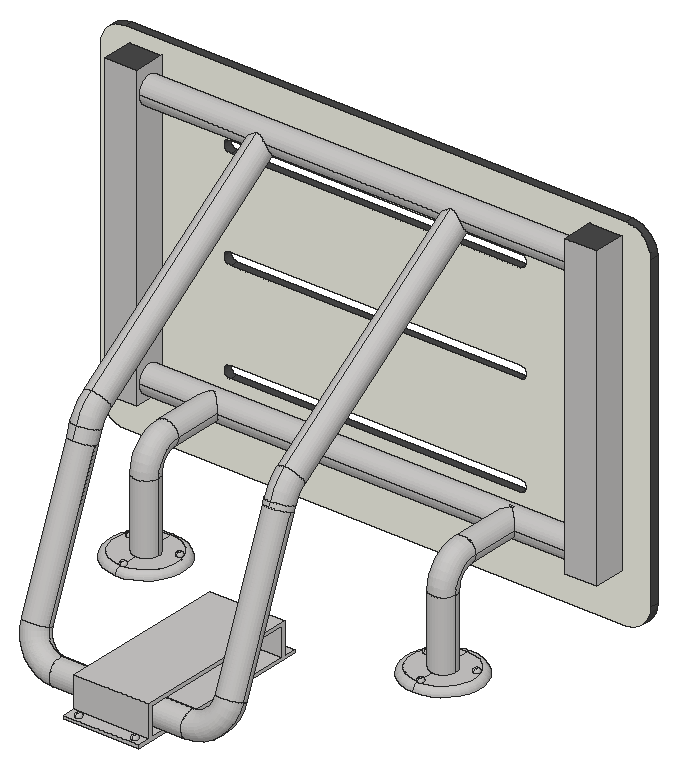
Revit family "Folding_Shower_Dressing_Area_Seat-Bobrick-B-5192", category Specialty Equipment, host Face, Revit 2018
Family settings
  Host = Face
  Round Connector Dimension = Use Diameter
  Part Type = Normal
  OmniClass Number = 23.40.20.21
  OmniClass Title = Toilet and Bath Specialties
  Cut with Voids When Loaded = No
  Shared = Yes
  Room Calculation Point = No
Parameters (values of type "B-5192")
  Width = 22"
  Warranty Documentation Link = "https://www.bobrick.com/wp-content/uploads/product_warranties-6.pdf"
  URL = "https://www.bobrick.com/"
  Type Comments = "To avoid potential seat malfunction, DO NOT use seat if weight exceeds 500 lbs (227 kg)"
  Support Load = "500 lbs., (227 kg)"  # constant formula
  Spring Material = Metal-Bobrick-Stainless Steel
  Seat Length = 14 7/16"
  Revised Date = "09/09/2021"  # constant formula
  Product Page URL = "https://www.bobrick.com/products/washroom-accessories/washroom-accessories-catalog/product/b-5192/"
  Product Documentation Link = "https://www.bobrick.com/wp-content/uploads/B-5192_td.pdf"
  Price = "Prices may vary. Please consult Manufacturer Representative for most up-to-date price list."  # constant formula
  Mounting Height Constraint = if(Mounting Height < 17", 17", if(Mounting Height > 19", 19", Mounting Height))  # 17"
  Mounting Height = 17"
  Mounting Flanges Material = Stainless Steel-Bobrick-Satin
  Model = "B-5192"
  Seat Material = Fused Plastic-Bobrick-Ivory Matte
  Material = "Fused Plastic-Bobrick-Ivory Matte"
  Manufacturer = "Bobrick"
  Length = 15 13/16"
  Installation Type = "Wall Mounted"
  Height = 13 3/4"
  Guide Bracket Material = Stainless Steel-Bobrick-Satin
  Frame Material = Stainless Steel-Bobrick-Satin
  Description = "Solid Phenolic Folding Shower / Dressing Area Seat"
  Default Elevation = 0"
  Creation Date = "06/09/2015"  # constant formula
  Baseplate Material = Metal-Bobrick-Stainless Steel
  Assembly Code = "E2010"
  ADA Compliant = yes
Reference planes (in)
  plane 1 "Center (Front/Back)": y = 0
  plane 2: z = 0
  plane 3 "Center (Left/Right)": x = 0
  plane 4: z = 15.8125
  plane 5: x = 11
  plane 6: x = -11
  plane 7: x = -6.5625
  plane 8: x = 6.5625
  plane 9: x = 5.9375
  plane 10: x = -5.9375
  plane 11: y = -4.375
  plane 12: y = -13.75
  plane 13: y = -6.5
  plane 14: x = 1.125
  plane 15: x = -1.125
  plane 16: z = 1.375
  plane 17: y = -17
  plane 18: x = 9.1875
  plane 19: y = -0.94013
  plane 20: z = 5.375
Forms (in)
  Extrusion 1, solid, material "Fused Plastic-Bobrick-Ivory Matte" <- "Seat Material"
    sketch origin (0, 0, 0) x (1, 0, 0) y (0, 0, 1)
      loop
        line (10, 15.8125) -> (-10, 15.8125)
        arc (-10, 15.8125) -> (-10.70711, 15.51961) -> (-11, 14.8125) r 1
        line (-11, 14.8125) -> (-11, 2.375)
        arc (-11, 2.375) -> (-10.70711, 1.66789) -> (-10, 1.375) r 1
        line (-10, 1.375) -> (10, 1.375)
        arc (10, 1.375) -> (10.70711, 1.66789) -> (11, 2.375) r 1
        line (11, 2.375) -> (11, 14.8125)
        arc (11, 14.8125) -> (10.70711, 15.51961) -> (10, 15.8125) r 1
      loop
        line (5.79542, 13.20791) -> (-5.79542, 13.20791)
        arc (-5.79542, 13.20791) -> (-6.04542, 12.95791) -> (-5.79542, 12.70791) r 0.25
        line (-5.79542, 12.70791) -> (5.79542, 12.70791)
        arc (5.79542, 12.70791) -> (6.04542, 12.95791) -> (5.79542, 13.20791) r 0.25
      loop
        line (5.79542, 9.20791) -> (-5.79542, 9.20791)
        arc (-5.79542, 9.20791) -> (-6.04542, 8.95791) -> (-5.79542, 8.70791) r 0.25
        line (-5.79542, 8.70791) -> (5.79542, 8.70791)
        arc (5.79542, 8.70791) -> (6.04542, 8.95791) -> (5.79542, 9.20791) r 0.25
      loop
        line (5.79542, 5.14541) -> (-5.79542, 5.14541)
        arc (-5.79542, 5.14541) -> (-6.04542, 4.89541) -> (-5.79542, 4.64541) r 0.25
        line (-5.79542, 4.64541) -> (5.79542, 4.64541)
        arc (5.79542, 4.64541) -> (6.04542, 4.89541) -> (5.79542, 5.14541) r 0.25
    from 0 to 0.3125
  Extrusion 2, solid, material "Stainless Steel-Bobrick-Satin" <- "Frame Material"
    sketch origin (0, 0.1875, 0.75) x (1, 0, 0) y (0, 1, 0)
      loop
        line (-8.5625, -0.5) -> (-9.8125, -0.5) -> (-9.8125, -1.75) -> (-8.5625, -1.75) -> (-8.5625, -0.5)
      loop
        line (8.5625, -0.5) -> (8.5625, -1.75) -> (9.8125, -1.75) -> (9.8125, -0.5) -> (8.5625, -0.5)
    from 2.51548 to 14.51548
  Revolve 3, solid, material "Stainless Steel-Bobrick-Satin" <- "Mounting Flanges Material"
    sketch origin (-5.9375, 0, 0) x (0, 1, 0) y (0, 0, 1)
      loop
        line (-4.375, 0) -> (-2.875, 0)
        arc (-2.875, 0) -> (-2.94822, 0.17678) -> (-3.125, 0.25) r 0.25
        line (-3.125, 0.25) -> (-4.375, 0.25) -> (-4.375, 0)
      axis (-4.375, 0.25) -> (-4.375, 0)
    angle from 0 to 360
  Revolve 4, solid, material "Stainless Steel-Bobrick-Satin" <- "Mounting Flanges Material"
    sketch origin (5.9375, 0, 0) x (0, 1, 0) y (0, 0, -1)
      loop
        line (-4.375, 0) -> (-4.375, -0.25) -> (-3.125, -0.25)
        arc (-3.125, -0.25) -> (-2.94822, -0.17678) -> (-2.875, 0) r 0.25
        line (-2.875, 0) -> (-4.375, 0)
      axis (-4.375, -0.25) -> (-4.375, 0)
    angle from 0 to 360
  Sweep 5, solid, material "Stainless Steel-Bobrick-Satin" <- "Frame Material"
    path origin (5.9375, 0, 0) x (0, 1, 0) y (0, 0, 1)
      loop
        line (-4.375, 0) -> (-4.375, 3)
        arc (-4.375, 3) -> (-4.08211, 3.70711) -> (-3.375, 4) r 1
        line (-3.375, 4) -> (-0.94013, 4)
    profile origin (5.9375, -4.375, 1.5) x (0, -1, 0) y (1, 0, 0)
      loop
        circle (0, 0) r 0.5
  Extrusion 6, solid, material "Stainless Steel-Bobrick-Satin" <- "Frame Material"
    sketch origin (0, 0.3125, 0) x (0, 1, 0) y (0, 0, 1)
      loop
        circle (-1.25263, 3.99038) r 0.5172
    from -8.9545 to 9.47959
  Sweep 7, solid, material "Stainless Steel-Bobrick-Satin" <- "Frame Material"
    path origin (-5.9375, 0, 0) x (0, 1, 0) y (0, 0, -1)
      loop
        line (-4.375, 0) -> (-4.375, -3)
        arc (-4.375, -3) -> (-4.08211, -3.70711) -> (-3.375, -4) r 1
        line (-3.375, -4) -> (-0.94013, -4)
    profile origin (-5.9375, -4.375, 1.5) x (0, 1, 0) y (-1, 0, 0)
      loop
        circle (0, 0) r 0.5
  Sweep 8, solid, material "Stainless Steel-Bobrick-Satin" <- "Frame Material"
    path origin (0, 0.25, 0.125) x (0, 1, 0) y (0, 0, 1)
      loop
        line (-1.19013, 14.16704) -> (-9.64596, 8.46351)
        arc (-9.64596, 8.46351) -> (-9.97289, 8.16393) -> (-10.19794, 7.78186) r 1.5
        line (-10.19794, 7.78186) -> (-10.39032, 7.3057)
    profile origin (0, -10.04413, 7.66878) x (0, 0.927184, -0.374607) y (1, 0, 0)
      loop
        circle (0, -3.875) r 0.5
  Extrusion 9, solid, material "Stainless Steel-Bobrick-Satin" <- "Frame Material"
    sketch origin (0, 0.3125, 18.32783) x (0, 1, 0) y (0, 0, 1)
      loop
        circle (-1.25263, -3.99038) r 0.5172
    from -8.9545 to 9.47959
  Sweep 10, solid, material "Stainless Steel-Bobrick-Satin" <- "Frame Material"
    path origin (0, -6.39004, 16.71298) x (1, 0, 0) y (0, 0.374607, 0.927184)
      loop
        line (-3.875, -9.69876) -> (-3.875, -15.94876)
        arc (-3.875, -15.94876) -> (-3.50888, -16.83264) -> (-2.625, -17.19876) r 1.25
        line (-2.625, -17.19876) -> (2.625, -17.19876)
        arc (2.625, -17.19876) -> (3.50888, -16.83264) -> (3.875, -15.94876) r 1.25
        line (3.875, -15.94876) -> (3.875, -9.69876)
    profile origin (-3.875, -11.19391, 4.823) x (1, 0, 0) y (0, -0.927184, 0.374607)
      loop
        circle (0, 0) r 0.5
  Extrusion 11, solid, material "Stainless Steel-Bobrick-Satin" <- "Guide Bracket Material"
    sketch origin (-1.5, 0.19528, 0) x (0, 1, 0) y (0, 0, 1)
      loop
        line (-6.44528, 0) -> (-6.44528, 0.125) -> (-6.94528, 0.125) -> (-6.94528, 1.375) -> (-13.69528, 1.375) -> (-13.69528, 0.125) -> (-14.19528, 0.125) -> (-14.19528, 0) -> (-6.44528, 0)
      loop
        line (-13.57028, 1.25) -> (-13.57028, 0.125) -> (-7.07028, 0.125) -> (-7.07028, 1.25) -> (-13.57028, 1.25)
    from 0 to 3
  Revolve 12, solid, material "Stainless Steel-Bobrick-Satin" <- "Frame Material"
    sketch origin (-1.125, 0, 0) x (0, 1, 0) y (0, 0, 1)
      loop
        line (-6.5, 0.125) -> (-6.375, 0.125)
        arc (-6.375, 0.125) -> (-6.38969, 0.18379) -> (-6.4303, 0.22876) r 0.125
        line (-6.4303, 0.22876) -> (-6.46682, 0.17439) -> (-6.5, 0.17439) -> (-6.5, 0.125)
      axis (-6.5, 0.22876) -> (-6.5, 0.125)
    angle from 0 to 360
  Revolve 13, solid, material "Stainless Steel-Bobrick-Satin" <- "Frame Material"
    sketch origin (1.125, 0, 0) x (0, 1, 0) y (0, 0, -1)
      loop
        line (-6.5, -0.125) -> (-6.5, -0.17439) -> (-6.46682, -0.17439) -> (-6.4303, -0.22876)
        arc (-6.4303, -0.22876) -> (-6.38969, -0.18379) -> (-6.375, -0.125) r 0.125
        line (-6.375, -0.125) -> (-6.5, -0.125)
      axis (-6.5, -0.22876) -> (-6.5, -0.125)
    angle from 0 to 360
  Revolve 14, solid, material "Stainless Steel-Bobrick-Satin" <- "Frame Material"
    sketch origin (-1.125, -20.25, 0) x (0, -1, 0) y (0, 0, -1)
      loop
        line (-6.5, -0.125) -> (-6.5, -0.17439) -> (-6.46682, -0.17439) -> (-6.4303, -0.22876)
        arc (-6.4303, -0.22876) -> (-6.38969, -0.18379) -> (-6.375, -0.125) r 0.125
        line (-6.375, -0.125) -> (-6.5, -0.125)
      axis (-6.5, -0.22876) -> (-6.5, -0.125)
    angle from 0 to 360
  Revolve 15, solid, material "Stainless Steel-Bobrick-Satin" <- "Frame Material"
    sketch origin (1.125, -20.25, 0) x (0, -1, 0) y (0, 0, 1)
      loop
        line (-6.5, 0.125) -> (-6.375, 0.125)
        arc (-6.375, 0.125) -> (-6.38969, 0.18379) -> (-6.4303, 0.22876) r 0.125
        line (-6.4303, 0.22876) -> (-6.46682, 0.17439) -> (-6.5, 0.17439) -> (-6.5, 0.125)
      axis (-6.5, 0.22876) -> (-6.5, 0.125)
    angle from 0 to 360
  Revolve 16, solid, material "Stainless Steel-Bobrick-Satin" <- "Frame Material"
    sketch origin (-5.9375, 1, 0.125) x (0, 1, 0) y (0, 0, 1)
      loop
        line (-6.5, 0.125) -> (-6.375, 0.125)
        arc (-6.375, 0.125) -> (-6.38969, 0.18379) -> (-6.4303, 0.22876) r 0.125
        line (-6.4303, 0.22876) -> (-6.46682, 0.17439) -> (-6.5, 0.17439) -> (-6.5, 0.125)
      axis (-6.5, 0.22876) -> (-6.5, 0.125)
    angle from 0 to 360
  Revolve 17, solid, material "Stainless Steel-Bobrick-Satin" <- "Frame Material"
    sketch origin (-6.93557, 2.55928, 0.125) x (0, 1, 0) y (0, 0, 1)
      loop
        line (-6.5, 0.125) -> (-6.375, 0.125)
        arc (-6.375, 0.125) -> (-6.38969, 0.18379) -> (-6.4303, 0.22876) r 0.125
        line (-6.4303, 0.22876) -> (-6.46682, 0.17439) -> (-6.5, 0.17439) -> (-6.5, 0.125)
      axis (-6.5, 0.22876) -> (-6.5, 0.125)
    angle from 0 to 360
  Revolve 18, solid, material "Stainless Steel-Bobrick-Satin" <- "Frame Material"
    sketch origin (-4.93943, 2.55928, 0.125) x (0, 1, 0) y (0, 0, -1)
      loop
        line (-6.5, -0.125) -> (-6.5, -0.17439) -> (-6.46682, -0.17439) -> (-6.4303, -0.22876)
        arc (-6.4303, -0.22876) -> (-6.38969, -0.18379) -> (-6.375, -0.125) r 0.125
        line (-6.375, -0.125) -> (-6.5, -0.125)
      axis (-6.5, -0.22876) -> (-6.5, -0.125)
    angle from 0 to 360
  Revolve 19, solid, material "Stainless Steel-Bobrick-Satin" <- "Frame Material"
    sketch origin (5.9375, 1, 0.125) x (0, 1, 0) y (0, 0, -1)
      loop
        line (-6.5, -0.125) -> (-6.5, -0.17439) -> (-6.46682, -0.17439) -> (-6.4303, -0.22876)
        arc (-6.4303, -0.22876) -> (-6.38969, -0.18379) -> (-6.375, -0.125) r 0.125
        line (-6.375, -0.125) -> (-6.5, -0.125)
      axis (-6.5, -0.22876) -> (-6.5, -0.125)
    angle from 0 to 360
  Revolve 20, solid, material "Stainless Steel-Bobrick-Satin" <- "Frame Material"
    sketch origin (6.93557, 2.55928, 0.125) x (0, 1, 0) y (0, 0, -1)
      loop
        line (-6.5, -0.125) -> (-6.5, -0.17439) -> (-6.46682, -0.17439) -> (-6.4303, -0.22876)
        arc (-6.4303, -0.22876) -> (-6.38969, -0.18379) -> (-6.375, -0.125) r 0.125
        line (-6.375, -0.125) -> (-6.5, -0.125)
      axis (-6.5, -0.22876) -> (-6.5, -0.125)
    angle from 0 to 360
  Revolve 21, solid, material "Stainless Steel-Bobrick-Satin" <- "Frame Material"
    sketch origin (4.93943, 2.55928, 0.125) x (0, 1, 0) y (0, 0, 1)
      loop
        line (-6.5, 0.125) -> (-6.375, 0.125)
        arc (-6.375, 0.125) -> (-6.38969, 0.18379) -> (-6.4303, 0.22876) r 0.125
        line (-6.4303, 0.22876) -> (-6.46682, 0.17439) -> (-6.5, 0.17439) -> (-6.5, 0.125)
      axis (-6.5, 0.22876) -> (-6.5, 0.125)
    angle from 0 to 360
  Revolve 22, solid, material "Fused Plastic-Bobrick-Ivory Matte" <- "Seat Material"
    sketch origin (0, 0, 5.375) x (1, 0, 0) y (0, 1, 0)
      loop
        line (9.1875, 0) -> (9.1875, 0.03481) -> (9.11975, 0.03481) -> (9.04701, 0.09164)
        arc (9.04701, 0.09164) -> (8.98695, 0.05216) -> (8.9375, 0) r 0.3125
        line (8.9375, 0) -> (9.1875, 0)
      axis (9.1875, 0.09164) -> (9.1875, 0)
    angle from 0 to 360
  Revolve 23, solid, material "Fused Plastic-Bobrick-Ivory Matte" <- "Seat Material"
    sketch origin (0, 0, 13.15595) x (0, -1, 0) y (1, 0, 0)
      loop
        line (0, 9.1875) -> (-0.03481, 9.1875) -> (-0.03481, 9.11975) -> (-0.09164, 9.04701)
        arc (-0.09164, 9.04701) -> (-0.05216, 8.98695) -> (0, 8.9375) r 0.3125
        line (0, 8.9375) -> (0, 9.1875)
      axis (-0.09164, 9.1875) -> (0, 9.1875)
    angle from 0 to 360
  Revolve 24, solid, material "Fused Plastic-Bobrick-Ivory Matte" <- "Seat Material"
    sketch origin (0, 0, 5.375) x (-1, 0, 0) y (0, -1, 0)
      loop
        line (9.1875, 0) -> (8.9375, 0)
        arc (8.9375, 0) -> (8.98695, -0.05216) -> (9.04701, -0.09164) r 0.3125
        line (9.04701, -0.09164) -> (9.11975, -0.03481) -> (9.1875, -0.03481) -> (9.1875, 0)
      axis (9.1875, -0.09164) -> (9.1875, 0)
    angle from 0 to 360
  Revolve 25, solid, material "Fused Plastic-Bobrick-Ivory Matte" <- "Seat Material"
    sketch origin (0, 0, 13.15595) x (0, 1, 0) y (-1, 0, 0)
      loop
        line (0, 9.1875) -> (0, 8.9375)
        arc (0, 8.9375) -> (0.05216, 8.98695) -> (0.09164, 9.04701) r 0.3125
        line (0.09164, 9.04701) -> (0.03481, 9.11975) -> (0.03481, 9.1875) -> (0, 9.1875)
      axis (0.09164, 9.1875) -> (0, 9.1875)
    angle from 0 to 360
  Sweep 26, solid, material "Stainless Steel-Bobrick-Satin" <- "Frame Material"
    path origin (0, 0.25, 0.125) x (0, 1, 0) y (0, 0, -1)
      loop
        line (-1.19013, -14.16704) -> (-9.64596, -8.46351)
        arc (-9.64596, -8.46351) -> (-9.97289, -8.16393) -> (-10.19794, -7.78186) r 1.5
        line (-10.19794, -7.78186) -> (-10.39032, -7.3057)
    profile origin (0, -10.04413, 7.66878) x (0, -0.927184, 0.374607) y (-1, 0, 0)
      loop
        circle (0, -3.875) r 0.5
Cuts and joins
  joined: Extrusion 2, Extrusion 6, Sweep 8, Extrusion 9, Sweep 10, Revolve 12, Revolve 13, Revolve 14, Revolve 15, Revolve 16, Revolve 17, Revolve 18, Revolve 19, Revolve 20, Revolve 21, Sweep 26
  joined: Extrusion 1, Revolve 22, Revolve 23, Revolve 24, Revolve 25
Lines and regions (in)
  Masking region 1
    outline origin (0, 0, 0) x (1, 0, 0) y (0, 0, 1)
      loop
        line (10, 15.8125) -> (-10, 15.8125)
        arc (-10, 15.8125) -> (-10.70711, 15.51961) -> (-11, 14.8125) r 1
        line (-11, 14.8125) -> (-11, 2.375)
        arc (-11, 2.375) -> (-10.70711, 1.66789) -> (-10, 1.375) r 1
        line (-10, 1.375) -> (-6.4375, 1.375) -> (-6.4375, 0.25) -> (-6.81057, 0.25)
        arc (-6.81057, 0.25) -> (-6.82616, 0.30831) -> (-6.86587, 0.35376) r 0.13326
        line (-6.86587, 0.35376) -> (-7.00528, 0.35376)
        arc (-7.00528, 0.35376) -> (-7.04466, 0.30813) -> (-7.06057, 0.25) r 0.13662
        line (-7.06057, 0.25) -> (-7.18739, 0.25)
        arc (-7.18739, 0.25) -> (-7.36417, 0.17678) -> (-7.43739, 0) r 0.25
        line (-7.43739, 0) -> (-4.43761, 0)
        arc (-4.43761, 0) -> (-4.51083, 0.17678) -> (-4.68761, 0.25) r 0.25
        line (-4.68761, 0.25) -> (-4.81443, 0.25)
        arc (-4.81443, 0.25) -> (-4.83034, 0.30813) -> (-4.86972, 0.35376) r 0.13662
        line (-4.86972, 0.35376) -> (-5.00913, 0.35376)
        arc (-5.00913, 0.35376) -> (-5.04884, 0.30831) -> (-5.06443, 0.25) r 0.13326
        line (-5.06443, 0.25) -> (-5.4375, 0.25) -> (-5.4375, 1.375) -> (-4.24295, 1.375)
        arc (-4.24295, 1.375) -> (-3.6674, 0.65531) -> (-2.80508, 0.33032) r 1.74062
        line (-2.80508, 0.33032) -> (-1.5, 0.33032) -> (-1.5, 0) -> (1.5, 0) -> (1.5, 0.33032) -> (2.80508, 0.33032)
        arc (2.80508, 0.33032) -> (3.6674, 0.65531) -> (4.24295, 1.375) r 1.74062
        line (4.24295, 1.375) -> (5.4375, 1.375) -> (5.4375, 0.25) -> (5.06443, 0.25)
        arc (5.06443, 0.25) -> (5.04884, 0.30831) -> (5.00913, 0.35376) r 0.13326
        line (5.00913, 0.35376) -> (4.86972, 0.35376)
        arc (4.86972, 0.35376) -> (4.83034, 0.30813) -> (4.81443, 0.25) r 0.13662
        line (4.81443, 0.25) -> (4.68761, 0.25)
        arc (4.68761, 0.25) -> (4.51083, 0.17678) -> (4.43761, 0) r 0.25
        line (4.43761, 0) -> (7.43739, 0)
        arc (7.43739, 0) -> (7.36417, 0.17678) -> (7.18739, 0.25) r 0.25
        line (7.18739, 0.25) -> (7.06057, 0.25)
        arc (7.06057, 0.25) -> (7.04466, 0.30813) -> (7.00528, 0.35376) r 0.13662
        line (7.00528, 0.35376) -> (6.86587, 0.35376)
        arc (6.86587, 0.35376) -> (6.82616, 0.30831) -> (6.81057, 0.25) r 0.13326
        line (6.81057, 0.25) -> (6.4375, 0.25) -> (6.4375, 1.375) -> (10, 1.375)
        arc (10, 1.375) -> (10.70711, 1.66789) -> (11, 2.375) r 1
        line (11, 2.375) -> (11, 14.8125)
        arc (11, 14.8125) -> (10.70711, 15.51961) -> (10, 15.8125) r 1
  symbolic lines, detail levels medium+fine
    curve 1: line (7.06057, 0, 0.25) -> (6.81057, 0, 0.25)
    curve 2: line (6.4375, 0, 0.25) -> (5.4375, 0, 0.25)
    curve 3: line (-4.96357, 0, 1.375) -> (4.33857, 0, 1.375)
    curve 4: line (1.5, 0, 1.375) -> (1.5, 0, 0.03933)
    curve 5: line (1.5, 0, 0.125) -> (-1.5, 0, 0.125)
    curve 9: line (-1.5, 0, 1.375) -> (-1.5, 0, 0.03933)
    curve 13: line (-5.79535, 0, 5.14541) -> (5.79542, 0, 5.14541)
    curve 14: line (5.79542, 0, 4.64541) -> (-5.79542, 0, 4.64541)
    curve 15: line (-5.79542, 0, 9.20791) -> (5.79542, 0, 9.20791)
    curve 16: line (5.79542, 0, 8.70791) -> (-5.79536, 0, 8.70791)
    curve 17: line (-5.79536, 0, 13.20791) -> (5.79542, 0, 13.20791)
    curve 18: line (5.79534, 0, 12.70791) -> (-5.79536, 0, 12.70791)
    curve 35: line (4.81443, 0, 0.25) -> (5.06443, 0, 0.25)
    curve 36: line (-7.06057, 0, 0.25) -> (-6.81057, 0, 0.25)
    curve 37: line (-6.4375, 0, 0.25) -> (-5.4375, 0, 0.25)
    curve 38: line (-4.81443, 0, 0.25) -> (-5.06443, 0, 0.25)
    curve 43: line (6.4375, 0, 1.375) -> (5.4375, 0, 1.375)
    curve 44: line (-5.4375, 0, 1.375) -> (-6.4375, 0, 1.375)
    curve 45: arc (-5.79542, -0.3125, 12.70791) -> (-6.04542, -0.3125, 12.95791) -> (-5.79542, -0.3125, 13.20791) r 0.25
    curve 46: arc (-5.79542, -0.3125, 8.70791) -> (-6.04542, -0.3125, 8.95791) -> (-5.79542, -0.3125, 9.20791) r 0.25
    curve 47: arc (-5.79542, -0.3125, 4.64541) -> (-6.04542, -0.3125, 4.89541) -> (-5.79542, -0.3125, 5.14541) r 0.25
    curve 48: arc (5.79542, -0.3125, 12.70791) -> (6.04542, -0.3125, 12.95791) -> (5.79542, -0.3125, 13.20791) r 0.25
    curve 49: arc (5.79542, -0.3125, 8.70791) -> (6.04542, -0.3125, 8.95791) -> (5.79542, -0.3125, 9.20791) r 0.25
    curve 50: arc (5.79542, -0.3125, 4.64541) -> (6.04542, -0.3125, 4.89541) -> (5.79542, -0.3125, 5.14541) r 0.25
    curve 51: line (2.63719, 0, 1.32755) -> (1.5, 0, 1.32755)
    curve 52: arc (-2.66916, 0, 1.32755) -> (-2.7867, 0, 1.33954) -> (-2.8994, 0, 1.375) r 0.58231
    curve 53: arc (2.66916, 0, 1.32755) -> (2.7867, 0, 1.33954) -> (2.8994, 0, 1.375) r 0.58231
    curve 54: line (-1.5, 0, 1.32755) -> (-2.66916, 0, 1.32755)
  symbolic lines, detail levels fine
    curve 6: line (1.0553, 0, 0.22876) -> (1.1947, 0, 0.22876)
    curve 7: arc (1.1947, 0, 0.22876) -> (1.23622, 0, 0.18356) -> (1.25461, 0, 0.125) r 0.14106
    curve 8: arc (1.0553, 0, 0.22876) -> (1.01378, 0, 0.18356) -> (0.99539, 0, 0.125) r 0.14106
    curve 10: line (-1.0553, 0, 0.22876) -> (-1.1947, 0, 0.22876)
    curve 11: arc (-1.1947, 0, 0.22876) -> (-1.23622, 0, 0.18356) -> (-1.25461, 0, 0.125) r 0.14106
    curve 12: arc (-1.0553, 0, 0.22876) -> (-1.01378, 0, 0.18356) -> (-0.99539, 0, 0.125) r 0.14106
    curve 19: line (4.37667, 0, 13.20791) -> (4.37667, 0, 12.70791)
    curve 20: line (3.37667, 0, 12.70791) -> (3.37667, 0, 13.20791)
    curve 21: line (4.37667, 0, 9.20791) -> (4.37667, 0, 8.70791)
    curve 22: line (3.37667, 0, 8.70791) -> (3.37667, 0, 9.20791)
    curve 23: line (4.37667, 0, 5.14541) -> (4.37667, 0, 4.64541)
    curve 24: line (3.37667, 0, 4.64541) -> (3.37667, 0, 5.14541)
    curve 25: line (-4.37667, 0, 13.20791) -> (-4.37667, 0, 12.70791)
    curve 26: line (-3.37667, 0, 12.70791) -> (-3.37667, 0, 13.20791)
    curve 27: line (-4.37667, 0, 9.20791) -> (-4.37667, 0, 8.70791)
    curve 28: line (-3.37667, 0, 8.70791) -> (-3.37667, 0, 9.20791)
    curve 29: line (-4.37667, 0, 5.14541) -> (-4.37667, 0, 4.64541)
    curve 30: line (-3.37667, 0, 4.64541) -> (-3.37667, 0, 5.14541)
    curve 31: circle (9.1875, 0, 13.15595) r 0.25 normal (0, -1, 0)
    curve 32: circle (9.1875, 0, 13.15595) r 0.14049 normal (0, 1, 0)
    curve 33: circle (9.1875, 0, 5.375) r 0.25 normal (0, -1, 0)
    curve 34: circle (9.1875, 0, 5.375) r 0.14049 normal (0, 1, 0)
    curve 39: circle (-9.1875, 0, 13.15595) r 0.25 normal (0, 1, 0)
    curve 40: circle (-9.1875, 0, 13.15595) r 0.14049 normal (0, -1, 0)
    curve 41: circle (-9.1875, 0, 5.375) r 0.25 normal (0, 1, 0)
    curve 42: circle (-9.1875, 0, 5.375) r 0.14049 normal (0, -1, 0)
Dimensions and locks (in)
  plane 1 "Center (Front/Back)" to plane 11 = 4 3/8"
  plane 11 to plane 12 = 9 3/8"
  plane 13 to plane 12 = 7 1/4"  (x2)
  "Mounting Height Constraint": plane 17 to plane 1 "Center (Front/Back)"
  "Width": plane 5 to plane 6
  "Length": host face to plane 4
  "Height": plane 1 "Center (Front/Back)" to plane 12
  plane 1 "Center (Front/Back)" to plane 17 = 17"
  "Height": plane 12 to plane 1 "Center (Front/Back)"
  plane 6 to plane 10 = 5 1/16"
  plane 9 to plane 5 = 5 1/16"
  plane 10 to plane 9 = 11 7/8"
  equal spacing: plane 10, plane 3 "Center (Left/Right)", plane 9
  plane 15 to plane 14 = 2 1/4"
  plane 15 to plane 3 "Center (Left/Right)" to plane 14 = 1 1/8", 1 1/8"
  "Seat Length": plane 16 to plane 4
  host face to plane 16 = 1 3/8"
  plane 11 to plane 1 "Center (Front/Back)" = 4 3/8"
  plane 12 to plane 11 = 9 3/8"
  aligned and locked: plane 2 to host face
  aligned and locked: level to host face
  aligned and locked: curve 45 to cut or joined group of Extrusion 1, Revolve 22, Revolve 23, Revolve 24, Revolve 25
  aligned and locked: curve 46 to cut or joined group of Extrusion 1, Revolve 22, Revolve 23, Revolve 24, Revolve 25
  aligned and locked: curve 47 to cut or joined group of Extrusion 1, Revolve 22, Revolve 23, Revolve 24, Revolve 25
Automatic sketch dimensions
  host sketch curve to host sketch curve = 96"  (x2)
  Extrusion 1 sketch curve to plane 6 = 0"
  Extrusion 1 sketch curve to plane 4 = 0"
  Extrusion 1 sketch curve to plane 16 = 0"
  Extrusion 1 sketch curve to plane 5 = 0"
  plane 6 to Extrusion 1 sketch curve = 1"  (x2)
  plane 10 to Extrusion 1 sketch curve = 0.14208"  (x3)
  Extrusion 1 sketch curve to plane 9 = 0.14208"  (x3)
  Extrusion 1 sketch curve to plane 18 = 13/16"  (x2)
  Extrusion 1 sketch curve to plane 20 = 0.72959"
  Extrusion 1 sketch curve to Extrusion 1 sketch curve = 1/4"  (x3)
  plane 20 to Extrusion 1 sketch curve = 3.33291"
  Extrusion 1 sketch curve to plane 4 = 3.10459"
  plane 1 "Center (Front/Back)" to Extrusion 2 sketch curve = 5/16"  (x2)
  plane 6 to Extrusion 2 sketch curve = 1 3/16"
  Extrusion 2 sketch curve to plane 19 = 0.62237"  (x2)
  Extrusion 2 sketch curve to Extrusion 2 sketch curve = 1 1/4"
  plane 18 to Extrusion 2 sketch curve = 5/8"
  Extrusion 2 sketch curve to plane 18 = 5/8"
  Revolve 3 sketch curve to level = 0"
  Revolve 3 sketch curve to plane 11 = 0"  (x2)
  level to Revolve 3 sketch curve = 1/4"
  Revolve 3 sketch curve to Revolve 3 sketch curve = 1 1/4"
  Revolve 3 sketch curve to plane 16 = 0.26384"
  plane 16 to Revolve 3 sketch curve = 0.17993"
  Revolve 4 sketch curve to level = 0"
  Revolve 4 sketch curve to plane 11 = 0"  (x2)
  level to Revolve 4 sketch curve = 1/4"
  Revolve 4 sketch curve to Revolve 4 sketch curve = 1 1/4"
  Revolve 4 sketch curve to plane 16 = 0.26384"
  plane 16 to Revolve 4 sketch curve = 0.17993"
  Sweep 5 sketch curve to plane 11 = 0"
  Sweep 5 sketch curve to plane 19 = 0"
  Sweep 5 sketch curve to level = 0"
  Sweep 5 sketch curve to plane 11 = 1"
  plane 16 to Sweep 5 sketch curve = 1 5/8"
  Sweep 5 sketch curve to profile plane = 0"  (x2)
  Extrusion 6 sketch curve to plane 19 = 0"
  Extrusion 6 sketch curve to plane 20 = 1.38462"
  Sweep 7 sketch curve to plane 11 = 0"
  Sweep 7 sketch curve to plane 19 = 0"
  Sweep 7 sketch curve to level = 0"
  Sweep 7 sketch curve to plane 11 = 1"
  plane 16 to Sweep 7 sketch curve = 1 5/8"
  profile plane to Sweep 7 sketch curve = 0"
  Sweep 7 sketch curve to profile plane = 0"
  Sweep 8 sketch curve to plane 19 = 0"
  Sweep 8 sketch curve to plane 13 = 2.05717"
  Sweep 8 sketch curve to Sweep 8 sketch curve = 0.83879"
  Sweep 8 sketch curve to Sweep 8 sketch curve = 0.55199"
  plane 20 to Sweep 8 sketch curve = 1.96995"
  Sweep 8 sketch curve to Sweep 8 sketch curve = 0.56191"
  Sweep 8 sketch curve to Sweep 8 sketch curve = 0.19238"
  Sweep 8 sketch curve to Sweep 8 sketch curve = 0.47616"
  Sweep 8 sketch curve to plane 4 = 1.52046"
  Sweep 8 sketch curve to profile plane = 0"
  Sweep 8 sketch curve to plane 3 "Center (Left/Right)" = 3 7/8"
  Extrusion 9 sketch curve to plane 19 = 0"
  plane 4 to Extrusion 9 sketch curve = 1.47506"
  Sweep 10 sketch curve to profile plane = 0"  (x2)
  Revolve 12 sketch curve to plane 13 = 0"  (x3)
  Revolve 12 sketch curve to Revolve 12 sketch curve = 0.03318"
  Revolve 12 sketch curve to Revolve 12 sketch curve = 0.03653"
  Revolve 12 sketch curve to Revolve 12 sketch curve = 0.09182"
  level to Revolve 12 sketch curve = 1/8"
  Revolve 12 sketch curve to Revolve 12 sketch curve = 0.04939"
  Revolve 12 sketch curve to Revolve 12 sketch curve = 0.20059"
  Revolve 12 sketch curve to Revolve 12 sketch curve = 0.16047"
  Revolve 13 sketch curve to plane 13 = 0"  (x3)
  Revolve 13 sketch curve to Revolve 13 sketch curve = 0.03318"
  Revolve 13 sketch curve to Revolve 13 sketch curve = 0.03653"
  Revolve 13 sketch curve to Revolve 13 sketch curve = 0.09182"
  level to Revolve 13 sketch curve = 0.22876"
  Revolve 13 sketch curve to Revolve 13 sketch curve = 0.04939"
  Revolve 13 sketch curve to Revolve 13 sketch curve = 0.20059"
  Revolve 13 sketch curve to Revolve 13 sketch curve = 0.16047"
  Revolve 14 sketch curve to plane 12 = 0"  (x3)
  Revolve 14 sketch curve to Revolve 14 sketch curve = 0.03318"
  Revolve 14 sketch curve to Revolve 14 sketch curve = 0.03653"
  Revolve 14 sketch curve to Revolve 14 sketch curve = 0.09182"
  level to Revolve 14 sketch curve = 0.22876"
  Revolve 14 sketch curve to Revolve 14 sketch curve = 0.04939"
  Revolve 14 sketch curve to Revolve 14 sketch curve = 0.20059"
  Revolve 14 sketch curve to Revolve 14 sketch curve = 0.16047"
  Revolve 15 sketch curve to plane 12 = 0"  (x3)
  Revolve 15 sketch curve to Revolve 15 sketch curve = 0.03318"
  Revolve 15 sketch curve to Revolve 15 sketch curve = 0.03653"
  Revolve 15 sketch curve to Revolve 15 sketch curve = 0.09182"
  level to Revolve 15 sketch curve = 1/8"
  Revolve 15 sketch curve to Revolve 15 sketch curve = 0.04939"
  Revolve 15 sketch curve to Revolve 15 sketch curve = 0.20059"
  Revolve 15 sketch curve to Revolve 15 sketch curve = 0.16047"
  level to Revolve 16 sketch curve = 1/4"
  plane 13 to Revolve 16 sketch curve = 1"
  Revolve 16 sketch curve to Revolve 16 sketch curve = 0"
  Revolve 16 sketch curve to Revolve 16 sketch curve = 0.03318"
  level to Revolve 16 sketch curve = 0.35376"
  Revolve 16 sketch curve to Revolve 16 sketch curve = 0.03653"
  Revolve 16 sketch curve to Revolve 16 sketch curve = 0.04939"
  Revolve 16 sketch curve to Revolve 16 sketch curve = 0.0697"
  Revolve 16 sketch curve to Revolve 16 sketch curve = 0.20059"
  Revolve 16 sketch curve to Revolve 16 sketch curve = 0.16047"
  level to Revolve 17 sketch curve = 1/4"
  Revolve 17 sketch curve to plane 11 = 0.43428"
  Revolve 17 sketch curve to Revolve 17 sketch curve = 0"
  Revolve 17 sketch curve to Revolve 17 sketch curve = 0.03318"
  Revolve 17 sketch curve to Revolve 17 sketch curve = 0.03653"
  Revolve 17 sketch curve to Revolve 17 sketch curve = 0.09182"
  Revolve 17 sketch curve to Revolve 17 sketch curve = 0.04939"
  Revolve 17 sketch curve to Revolve 17 sketch curve = 0.0697"
  Revolve 17 sketch curve to Revolve 17 sketch curve = 0.20059"
  Revolve 17 sketch curve to Revolve 17 sketch curve = 0.16047"
  level to Revolve 18 sketch curve = 1/4"
  Revolve 18 sketch curve to plane 11 = 0.43428"
  Revolve 18 sketch curve to Revolve 18 sketch curve = 0"
  Revolve 18 sketch curve to Revolve 18 sketch curve = 0.03318"
  Revolve 18 sketch curve to Revolve 18 sketch curve = 0.03653"
  Revolve 18 sketch curve to Revolve 18 sketch curve = 0.09182"
  Revolve 18 sketch curve to Revolve 18 sketch curve = 0.04939"
  Revolve 18 sketch curve to Revolve 18 sketch curve = 0.0697"
  Revolve 18 sketch curve to Revolve 18 sketch curve = 0.20059"
  Revolve 18 sketch curve to Revolve 18 sketch curve = 0.16047"
  level to Revolve 19 sketch curve = 1/4"
  plane 13 to Revolve 19 sketch curve = 1"
  Revolve 19 sketch curve to Revolve 19 sketch curve = 0"
  Revolve 19 sketch curve to Revolve 19 sketch curve = 0.03318"
  level to Revolve 19 sketch curve = 0.35376"
  Revolve 19 sketch curve to Revolve 19 sketch curve = 0.03653"
  Revolve 19 sketch curve to Revolve 19 sketch curve = 0.04939"
  Revolve 19 sketch curve to Revolve 19 sketch curve = 0.0697"
  Revolve 19 sketch curve to Revolve 19 sketch curve = 0.20059"
  Revolve 19 sketch curve to Revolve 19 sketch curve = 0.16047"
  level to Revolve 20 sketch curve = 1/4"
  Revolve 20 sketch curve to plane 11 = 0.43428"
  Revolve 20 sketch curve to Revolve 20 sketch curve = 0"
  Revolve 20 sketch curve to Revolve 20 sketch curve = 0.03318"
  Revolve 20 sketch curve to Revolve 20 sketch curve = 0.03653"
  Revolve 20 sketch curve to Revolve 20 sketch curve = 0.09182"
  Revolve 20 sketch curve to Revolve 20 sketch curve = 0.04939"
  Revolve 20 sketch curve to Revolve 20 sketch curve = 0.0697"
  Revolve 20 sketch curve to Revolve 20 sketch curve = 0.20059"
  Revolve 20 sketch curve to Revolve 20 sketch curve = 0.16047"
  level to Revolve 21 sketch curve = 1/4"
  Revolve 21 sketch curve to plane 11 = 0.43428"
  Revolve 21 sketch curve to Revolve 21 sketch curve = 0"
  Revolve 21 sketch curve to Revolve 21 sketch curve = 0.03318"
  Revolve 21 sketch curve to Revolve 21 sketch curve = 0.03653"
  Revolve 21 sketch curve to Revolve 21 sketch curve = 0.09182"
  Revolve 21 sketch curve to Revolve 21 sketch curve = 0.04939"
  Revolve 21 sketch curve to Revolve 21 sketch curve = 0.0697"
  Revolve 21 sketch curve to Revolve 21 sketch curve = 0.20059"
  Revolve 21 sketch curve to Revolve 21 sketch curve = 0.16047"
  plane 1 "Center (Front/Back)" to Revolve 22 sketch curve = 0"
  Revolve 22 sketch curve to plane 18 = 0"  (x3)
  Revolve 22 sketch curve to Revolve 22 sketch curve = 0.06775"
  Revolve 22 sketch curve to Revolve 22 sketch curve = 0.07274"
  Revolve 22 sketch curve to Revolve 22 sketch curve = 0.10951"
  Revolve 22 sketch curve to Revolve 22 sketch curve = 3/16"
  Revolve 22 sketch curve to plane 1 "Center (Front/Back)" = 0.03481"
  Revolve 22 sketch curve to Revolve 22 sketch curve = 0.07387"
  Revolve 22 sketch curve to Revolve 22 sketch curve = 0.04349"
  Revolve 23 sketch curve to plane 18 = 0"  (x3)
  plane 1 "Center (Front/Back)" to Revolve 23 sketch curve = 0"
  Revolve 23 sketch curve to plane 1 "Center (Front/Back)" = 0.03481"
  Revolve 23 sketch curve to plane 1 "Center (Front/Back)" = 0.09164"
  Revolve 23 sketch curve to Revolve 23 sketch curve = 3/16"
  Revolve 23 sketch curve to Revolve 23 sketch curve = 0.06775"
  Revolve 23 sketch curve to Revolve 23 sketch curve = 0.07274"
  Revolve 23 sketch curve to Revolve 23 sketch curve = 0.07387"
  Revolve 23 sketch curve to Revolve 23 sketch curve = 0.04349"
  plane 1 "Center (Front/Back)" to Revolve 24 sketch curve = 0"
  plane 6 to Revolve 24 sketch curve = 2 1/16"
  Revolve 24 sketch curve to plane 1 "Center (Front/Back)" = 0.09164"
  Revolve 24 sketch curve to Revolve 24 sketch curve = 0.10951"
  Revolve 24 sketch curve to plane 1 "Center (Front/Back)" = 0.03481"
  Revolve 24 sketch curve to Revolve 24 sketch curve = 0.07274"
  Revolve 24 sketch curve to Revolve 24 sketch curve = 0.06775"
  plane 1 "Center (Front/Back)" to Revolve 24 sketch curve = 3/16"
  Revolve 24 sketch curve to Revolve 24 sketch curve = 0"
  Revolve 24 sketch curve to Revolve 24 sketch curve = 0.07387"
  Revolve 24 sketch curve to Revolve 24 sketch curve = 0.04349"
  plane 1 "Center (Front/Back)" to Revolve 25 sketch curve = 0"
  Revolve 25 sketch curve to Revolve 25 sketch curve = 3/16"
  Revolve 25 sketch curve to plane 1 "Center (Front/Back)" = 0.03481"
  Revolve 25 sketch curve to plane 1 "Center (Front/Back)" = 0.09164"
  plane 6 to Revolve 25 sketch curve = 2 1/16"
  Revolve 25 sketch curve to Revolve 25 sketch curve = 0.10951"
  Revolve 25 sketch curve to Revolve 25 sketch curve = 0.07274"
  Revolve 25 sketch curve to Revolve 25 sketch curve = 0.06775"
  Revolve 25 sketch curve to Revolve 25 sketch curve = 0.07387"
  Revolve 25 sketch curve to Revolve 25 sketch curve = 0.04349"
  Revolve 25 sketch curve to Revolve 25 sketch curve = 0"
  Sweep 26 sketch curve to plane 19 = 0"
  Sweep 26 sketch curve to plane 13 = 2.05717"
  Sweep 26 sketch curve to Sweep 26 sketch curve = 0.83879"
  Sweep 26 sketch curve to Sweep 26 sketch curve = 0.55199"
  plane 20 to Sweep 26 sketch curve = 3.21351"
  Sweep 26 sketch curve to Sweep 26 sketch curve = 0.68165"
  Sweep 26 sketch curve to Sweep 26 sketch curve = 0.19238"
  Sweep 26 sketch curve to plane 4 = 1.52046"
  Sweep 26 sketch curve to Sweep 26 sketch curve = 0.47616"
  profile plane to Sweep 26 sketch curve = 0"
  Sweep 26 sketch curve to profile plane = 3 7/8"
  plane 10 to Sweep 10 sketch curve = 2 1/16"
  plane 15 to Sweep 10 sketch curve = 1 1/2"
  plane 14 to Sweep 10 sketch curve = 1 1/2"
  Sweep 10 sketch curve to Sweep 10 sketch curve = 1 1/4"
  Sweep 10 sketch curve to Sweep 10 sketch curve = 6 1/4"  (x2)
  curve 48 to Extrusion 1 = 0"  (x2)
  curve 45 to curve 45 = 0"  (x2)
  curve 46 to curve 46 = 0"
  curve 47 to curve 47 = 0"
  curve 48 to curve 49 = 0"
  curve 48 to curve 48 = 1/4"
  Masking region 1 sketch curve to plane 6 = 0"
  Masking region 1 sketch curve to plane 16 = 0"  (x4)
  Masking region 1 sketch curve to plane 4 = 0"
  Masking region 1 sketch curve to level = 0"  (x3)
  Masking region 1 sketch curve to plane 5 = 0"
  plane 6 to Masking region 1 sketch curve = 1"  (x2)
  Masking region 1 sketch curve to plane 10 = 1.24989"
  Masking region 1 sketch curve to Masking region 1 sketch curve = 0.12682"  (x4)
  Masking region 1 sketch curve to Masking region 1 sketch curve = 0.0553"  (x5)
  Masking region 1 sketch curve to Masking region 1 sketch curve = 0.11682"  (x4)
  Masking region 1 sketch curve to Masking region 1 sketch curve = 0.01966"  (x4)
  Masking region 1 sketch curve to Masking region 1 sketch curve = 0.05822"  (x2)
  Masking region 1 sketch curve to Masking region 1 sketch curve = 0.11352"  (x4)
  level to Masking region 1 sketch curve = 1/4"  (x4)
  Masking region 1 sketch curve to Masking region 1 sketch curve = 0.37307"  (x3)
  plane 10 to Masking region 1 sketch curve = 1/2"
  Masking region 1 sketch curve to Masking region 1 sketch curve = 1.19455"
  level to Masking region 1 sketch curve = 0.33032"  (x2)
  plane 15 to Masking region 1 sketch curve = 1.68008"
  plane 16 to Masking region 1 sketch curve = 0.6885"  (x2)
  plane 15 to Masking region 1 sketch curve = 3/8"
  plane 14 to Masking region 1 sketch curve = 3/8"
  plane 14 to Masking region 1 sketch curve = 1.51929"
  Masking region 1 sketch curve to Masking region 1 sketch curve = 1.30508"
  Masking region 1 sketch curve to Masking region 1 sketch curve = 0.19465"
  Masking region 1 sketch curve to plane 9 = 1/2"
  plane 9 to Masking region 1 sketch curve = 1/2"
  Masking region 1 sketch curve to Masking region 1 sketch curve = 0.06152"
  Masking region 1 sketch curve to Masking region 1 sketch curve = 1/4"  (x2)
  Masking region 1 sketch curve to plane 18 = 13/16"  (x2)
  Masking region 1 sketch curve to Masking region 1 sketch curve = 0.00612"  (x4)
  Masking region 1 sketch curve to Masking region 1 sketch curve = 0.00176"  (x2)
  curve 31 to curve 32 = 0"  (x2)
  curve 33 to curve 34 = 0"  (x2)
  curve 39 to curve 40 = 0"  (x2)
  curve 41 to curve 42 = 0"  (x2)
  curve 41 to plane 20 = 0"
  curve 44 to plane 16 = 0"
  curve 3 to plane 16 = 0"
  curve 43 to plane 16 = 0"
  plane 18 to curve 31 = 0"
  plane 18 to curve 34 = 0"
  curve 34 to plane 20 = 0"
  plane 16 to curve 53 = 0.53486"
  plane 14 to curve 53 = 1.54416"
  plane 14 to curve 6 = 0.0697"
  plane 14 to curve 8 = 0.01094"
  curve 7 to plane 14 = 0.01094"
  curve 6 to plane 14 = 0.0697"
  curve 10 to plane 15 = 0.0697"
  curve 11 to plane 15 = 0.01094"
  plane 15 to curve 12 = 0.01094"
  plane 15 to curve 10 = 0.0697"
  curve 54 to plane 16 = 0.04745"
  plane 15 to curve 54 = 1.54416"
  plane 6 to curve 39 = 1 13/16"
  plane 6 to curve 42 = 1 13/16"
  level to curve 10 = 0.22876"
  level to curve 6 = 0.22876"
  level to curve 7 = 0.11303"
  curve 8 to curve 7 = 0"
  level to curve 12 = 0.11303"
  curve 11 to curve 12 = 0"
  plane 16 to curve 52 = 0.53486"
  curve 39 to plane 4 = 2.65655"
  curve 32 to plane 4 = 2.65655"
  level to curve 1 = 1/4"
  plane 9 to curve 1 = 1.12307"
  curve 1 to curve 1 = 1/4"
  plane 9 to curve 43 = 1/2"
  curve 2 to curve 1 = 0.37307"
  curve 14 to plane 9 = 0.14208"
  curve 16 to plane 9 = 0.14208"
  curve 17 to plane 9 = 0.14208"
  curve 15 to plane 9 = 0.14208"
  curve 13 to plane 9 = 0.14208"
  curve 18 to plane 9 = 0.14216"
  level to curve 2 = 1/4"
  curve 2 to plane 9 = 1/2"
  curve 43 to plane 9 = 1/2"
  curve 35 to curve 2 = 0.37307"
  curve 35 to curve 35 = 1/4"
  curve 21 to curve 16 = 1.41875"
  curve 23 to curve 14 = 1.41875"
  curve 19 to curve 17 = 1.41875"
  curve 3 to curve 43 = 1.09893"
  curve 22 to curve 21 = 1"
  curve 24 to curve 23 = 1"
  curve 20 to curve 19 = 1"
  curve 53 to curve 53 = 0.23024"
  curve 51 to curve 53 = 0.03197"
  curve 51 to plane 16 = 0.04745"
  plane 14 to curve 51 = 3/8"
  curve 8 to curve 7 = 0.11867"
  level to curve 9 = 0.03933"
  curve 9 to curve 11 = 0.24539"
  plane 15 to curve 28 = 2.25167"
  curve 30 to plane 20 = 0.22959"
  plane 15 to curve 30 = 2.25167"
  plane 15 to curve 26 = 2.25167"
  curve 25 to curve 26 = 1"
  curve 27 to curve 28 = 1"
  curve 29 to curve 30 = 1"
  level to curve 38 = 1/4"
  plane 10 to curve 38 = 1.12307"
  plane 10 to curve 3 = 0.97393"
  curve 38 to curve 38 = 1/4"
  curve 44 to curve 3 = 0.47393"
  curve 37 to curve 38 = 0.37307"
  plane 10 to curve 13 = 0.14215"
  plane 10 to curve 18 = 0.14214"
  plane 10 to curve 17 = 0.14214"
  plane 10 to curve 16 = 0.14214"
  plane 10 to curve 15 = 0.14208"
  plane 10 to curve 14 = 0.14208"
  curve 44 to plane 10 = 1/2"
  level to curve 37 = 1/4"
  curve 37 to plane 10 = 1/2"
  curve 36 to curve 37 = 0.37307"
  curve 36 to curve 36 = 1/4"
  level to curve 35 = 1/4"
  level to curve 36 = 1/4"
  level to curve 4 = 0.03933"
  curve 24 to curve 24 = 1/2"
  plane 20 to curve 28 = 3.33291"
  curve 27 to curve 27 = 1/2"
  curve 18 to plane 4 = 3.10459"
  curve 18 to curve 17 = 1/2"
  Extrusion 11 sketch curve to level = 0"
  Extrusion 11 sketch curve to plane 16 = 0"
  plane 12 to Extrusion 11 sketch curve = 1/4"
  Extrusion 11 sketch curve to plane 12 = 1/4"
  level to Extrusion 11 sketch curve = 1/8"  (x2)
  Extrusion 11 sketch curve to plane 13 = 1/4"
  plane 13 to Extrusion 11 sketch curve = 1/4"
  Extrusion 11 sketch curve to Extrusion 11 sketch curve = 0"
  Extrusion 11 sketch curve to Extrusion 11 sketch curve = 1/8"  (x3)
  radius of Sweep 5 sketch curve = 1/2"
  radius of Extrusion 6 sketch curve = 0.5172"
  radius of Sweep 7 sketch curve = 1/2"
  radius of Sweep 8 sketch curve = 1/2"
  radius of Extrusion 9 sketch curve = 0.5172"
  radius of Sweep 10 sketch curve = 1/2"
  radius of Sweep 26 sketch curve = 1/2"
  radius of curve 49 to Extrusion 1 = 0"
  radius of curve 50 to Extrusion 1 = 0"
  radius of curve 31 = 1/4"
  radius of curve 32 = 0.14049"
  radius of curve 33 = 1/4"
  radius of curve 34 = 0.14049"
  radius of curve 39 = 1/4"
  radius of curve 40 = 0.14049"
  radius of curve 41 = 1/4"
  radius of curve 42 = 0.14049"
